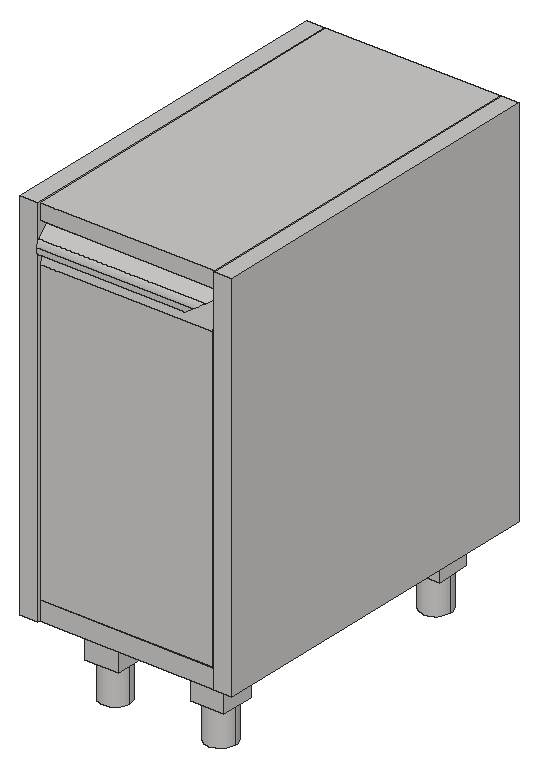
Revit family "QF_ELECTROLUXPROFESSIONAL_121814_TERP4", category Attrezzature speciali, Revit 2020
Family settings
  Quota connettore circolare = Usa diametro
  Tipo di parte = Normale
  Basato su piano di lavoro = No
  Sempre verticale = Sì
  Taglio con vuoti quando caricato = No
  Condiviso = No
  Punto di calcolo locali = No
Parameters (values of type "Standard")
  Weight = 9.00 kg
  Watts = 0 W
  Volts = 0 V
  URL Manufacturer = "https://www.electroluxprofessional.com/"
  URL = "https://www.electroluxprofessional.com/"
  Steam Supply Size = 0 mm
  Steam Supply Minimum Pressure = 0.0 Pa
  Steam Supply Maximum Pressure = 0.0 Pa
  Steam Consumption per Hour = 0
  Refrigeration Suction Line Size = 0.0 mm
  Refrigeration Liquid Line Size = 0.0 mm
  Refrigerant Compressor Remote = yes
  Prospetto di default = 0.0 mm
  Phase = 0
  Modello = "TERP4"
  Produttore = "Electrolux Professional"
  Length Actual = 400.0 mm  # constant formula
  Item Number = "121814"
  Hot Water Size = 0 mm
  Height Actual = 860.0 mm  # constant formula
  HP = "0 HP"
  Gas Size = 0 mm
  Gas KW = 0
  Gas Input Pressure = 0 W
  Direct Waste Size = 0 mm
  Descrizione = "AMBIENT UNIT 1 HINGED DOOR 400MM"
  Depth Actual = 680.0 mm  # constant formula
  Cycle = 0 Hz
  Condensate Return Size = 0 mm
  Compressed Air Volume = 0.0 L/s
  Compressed Air Size = 0 mm
  Compressed Air Pressure = 0.0 Pa
  Cold Water Size = 0 mm
  Accessory = yes
Reference planes
  plane 1 "Center (Front/Back)": y = 0
  plane 2: z = 0
  plane 3 "Center (Left/Right)": x = -300
  plane 4 "LEFT": x = -500
  plane 5 "RIGHT": x = -100
  plane 6 "BACK": y = 340
  plane 7 "FRONT": y = -340
  plane 8 "Base": z = 860
  plane 9 "TOP": z = 900
  plane 10: x = -400
  plane 11: x = -200
  plane 12: y = 270
  plane 13: y = -240
  plane 14 "FEET": z = 150
  plane 15: x = -466
  plane 16: x = -134
  plane 17: y = -337
  plane 18: y = 310
  plane 19: y = -670
Forms (mm)
  Extrusion 1, solid, material "QF_Finishes_Stainless Steel"
    sketch origin (0, 0, 150) x (-1, 0, 0) y (0, -1, 0)
      loop
        line (500, -340) -> (500, 340) -> (466, 340) -> (466, -340) -> (500, -340)
      loop
        line (134, -340) -> (134, 340) -> (100, 340) -> (100, -340) -> (134, -340)
    from 0 to 710
  Extrusion 2, solid, material "QF_Finishes_Stainless Steel"
    sketch origin (0, 0, 150) x (-1, 0, 0) y (0, -1, 0)
      loop
        line (466, -310) -> (466, 337) -> (134, 337) -> (134, -310) -> (466, -310)
    from 0 to 35
  Extrusion 3, solid, material "QF_Finishes_Stainless Steel"
    sketch origin (0, 0, 0) x (1, 0, 0) y (0, 1, 0)
      loop
        line (-466, 310) -> (-466, -297) -> (-134, -297) -> (-134, 310) -> (-466, 310)
    from 490 to 520
  Extrusion 4, solid, material "QF_Finishes_Stainless Steel"
    sketch origin (0, 0, 0) x (1, 0, 0) y (0, 1, 0)
      loop
        line (-466, -337) -> (-134, -337) -> (-134, 340) -> (-466, 340) -> (-466, -337)
    from 830 to 860
  Extrusion 5, solid, material "QF_Finishes_Stainless Steel"
    sketch origin (0, 0, 150) x (-1, 0, 0) y (0, -1, 0)
      loop
        line (466, -340) -> (466, -310) -> (134, -310) -> (134, -340) -> (466, -340)
    from 680 to 0
Lines and regions (mm)
  symbolic lines, style "SpecialityEquipmentHiddenLines"
    curve 1: line (-100, 340, 900) -> (-500, 340, 900)
    curve 2: line (-100, -340, 900) -> (-100, 340, 900)
    curve 3: line (-500, -344.5, 150) -> (-500, 340, 150)
    curve 4: line (-500, -340, 150) -> (-466, -340, 150)
    curve 5: line (-466, -340, 150) -> (-466, -337, 150)
    curve 6: line (-466, -337, 150) -> (-134, -337, 150)
    curve 7: line (-134, -337, 150) -> (-134, -340, 150)
    curve 8: line (-134, -340, 150) -> (-100, -340, 150)
Dimensions and locks
  plane 4 "LEFT" to plane 5 "RIGHT" = 400.0 mm
  equal spacing: plane 4 "LEFT", plane 3 "Center (Left/Right)", plane 5 "RIGHT"
  plane 6 "BACK" to plane 7 "FRONT" = 680.0 mm
  equal spacing: plane 6 "BACK", plane 1 "Center (Front/Back)", plane 7 "FRONT"
  locked: plane 14 "FEET" to level at 150
  locked: plane 4 "LEFT" to plane 10 at 100
  locked: plane 11 to plane 5 "RIGHT" at 100
  locked: plane 4 "LEFT" to plane 15 at 34
  locked: plane 16 to plane 5 "RIGHT" at 34
  plane 17 to plane 7 "FRONT" = 3.0 mm
  plane 6 "BACK" to plane 18 = 30.0 mm
  locked: plane 6 "BACK" to plane 12 at 70
  locked: plane 13 to plane 7 "FRONT" at 100
  locked: plane 8 "Base" to level at 860
  locked: plane 9 "TOP" to level at 900
  plane 6 "BACK" to plane 19 = 1010.0 mm
  aligned and locked: level to plane 2
  aligned and locked: plane 10 to nested 1
  aligned and locked: plane 11 to nested 2
  aligned and locked: plane 11 to nested 4
  aligned and locked: nested 4 to plane 12
  aligned and locked: plane 10 to nested 3
  aligned and locked: nested 3 to plane 12
  aligned and locked: plane 8 "Base" to Extrusion 1
  aligned and locked: plane 6 "BACK" to Extrusion 1 sketch curve
  aligned and locked: Extrusion 1 sketch curve to plane 6 "BACK"
  aligned and locked: plane 7 "FRONT" to Extrusion 1 sketch curve
  aligned and locked: Extrusion 1 sketch curve to plane 7 "FRONT"
  aligned and locked: plane 15 to Extrusion 1
  aligned and locked: Extrusion 1 to plane 16
  aligned and locked: Extrusion 2 to plane 15
  aligned and locked: plane 16 to Extrusion 2
  aligned and locked: plane 16 to Extrusion 3
  aligned and locked: Extrusion 3 to plane 15
  aligned and locked: plane 8 "Base" to Extrusion 4
  aligned and locked: Extrusion 2 to plane 17
  aligned and locked: Extrusion 2 to plane 18
  aligned and locked: Extrusion 3 to plane 18
  aligned and locked: Extrusion 4 to plane 17
  aligned and locked: plane 15 to Extrusion 5 sketch curve
  aligned and locked: Extrusion 5 sketch curve to plane 16
  aligned and locked: Extrusion 5 sketch curve to plane 6 "BACK"
  aligned and locked: Extrusion 5 sketch curve to plane 18
  aligned and locked: Extrusion 5 to Extrusion 4
  aligned and locked: Extrusion 5 to plane 14 "FEET"
  aligned and locked: plane 6 "BACK" to Extrusion 4
  aligned and locked: nested 1 to plane 13
  aligned and locked: nested 2 to plane 13
Automatic sketch dimensions
  curve 2 to plane 5 "RIGHT" = 0.0 mm
  curve 2 to plane 7 "FRONT" = 0.0 mm
  curve 1 to plane 4 "LEFT" = 0.0 mm
  curve 1 to plane 6 "BACK" = 0.0 mm
  Extrusion 1 sketch curve to plane 5 "RIGHT" = 0.0 mm
  Extrusion 1 sketch curve to plane 16 = 0.0 mm
  Extrusion 1 sketch curve to plane 15 = 0.0 mm
  Extrusion 1 sketch curve to plane 4 "LEFT" = 0.0 mm
  Extrusion 2 sketch curve to plane 16 = 0.0 mm
  Extrusion 2 sketch curve to plane 15 = 0.0 mm
  plane 18 to Extrusion 2 sketch curve = 0.0 mm
  Extrusion 2 sketch curve to plane 17 = 0.0 mm
  curve 8 to plane 5 "RIGHT" = 0.0 mm
  curve 8 to plane 7 "FRONT" = 0.0 mm
  curve 8 to plane 16 = 0.0 mm
  curve 6 to plane 15 = 0.0 mm
  curve 3 to plane 4 "LEFT" = 0.0 mm
  curve 3 to plane 6 "BACK" = 0.0 mm
  curve 6 to plane 17 = 0.0 mm
  curve 4 to plane 7 "FRONT" = 0.0 mm
  curve 4 to curve 3 = 4.5 mm
  Extrusion 4 sketch curve to plane 15 = 0.0 mm
  Extrusion 4 sketch curve to plane 16 = 0.0 mm
  Extrusion 4 sketch curve to plane 17 = 0.0 mm
  Extrusion 4 sketch curve to plane 18 = 30.0 mm
  Extrusion 3 sketch curve to plane 15 = 0.0 mm
  plane 7 "FRONT" to Extrusion 3 sketch curve = 43.0 mm
  Extrusion 3 sketch curve to plane 16 = 0.0 mm
  plane 18 to Extrusion 3 sketch curve = 0.0 mm
Nested families
  nested 1: "FEET_L63-150" at (-400, -240, 0), type "FEET_L63-150"
  nested 2: "FEET_L63-150" at (-200, -240, 0), type "FEET_L63-150"
  nested 3: "FEET_L63-150" at (-400, 270, 0), type "FEET_L63-150"
  nested 4: "FEET_L63-150" at (-200, 270, 0), type "FEET_L63-150"
  nested 5: "H637_1DOOR" at (-336.152, -297, 148.687) x (1, 0, 0) z (0, -1, 0), type "H637_1DOOR"
    with Width 400.0 mm, Show Clearance yes
Definition of nested family "FEET_L63-150"
  Parameters
    Default Elevation = 0.0 mm
    FEET = 150.0 mm
  Reference planes
    plane 1 "Center (Front/Back)": y = 0
    plane 2: z = 0
    plane 3 "Center (Left/Right)": x = 0
    plane 4: z = 150
  Forms (mm)
    Extrusion 1, solid
      sketch origin (0, 0, 0) x (1, 0, 0) y (0, 1, 0)
        loop
          circle (0, 0) r 28
      from 0 to 67
    Extrusion 2, solid
      sketch origin (0, 0, 0) x (1, 0, 0) y (0, 1, 0)
        loop
          line (31.561, 31.5) -> (-31.439, 31.5) -> (-31.439, -31.5) -> (31.561, -31.5) -> (31.561, 31.5)
      from 67 to 150 <- "FEET"
  Lines and regions (mm)
    symbolic lines
      curve 1: line (0, -1.503, 0) -> (0, 1.508, 0)
      curve 2: line (1.561, 0, 0) -> (-1.439, 0, 0)
  Dimensions and locks
    "FEET": plane 4 to plane 2
    aligned and locked: level to plane 2
  Automatic sketch dimensions
    plane 1 "Center (Front/Back)" to Extrusion 1 sketch curve = 0.0 mm
    Extrusion 1 sketch curve to plane 3 "Center (Left/Right)" = 0.0 mm
    plane 1 "Center (Front/Back)" to curve 2 = 0.0 mm
    curve 1 to plane 3 "Center (Left/Right)" = 0.0 mm
    curve 2 to plane 3 "Center (Left/Right)" = 1.439 mm
    plane 3 "Center (Left/Right)" to curve 2 = 1.561 mm
    plane 1 "Center (Front/Back)" to curve 1 = 1.503 mm
    curve 1 to plane 1 "Center (Front/Back)" = 1.508 mm
    Extrusion 2 sketch curve to plane 1 "Center (Front/Back)" = 31.5 mm
    Extrusion 2 sketch curve to plane 3 "Center (Left/Right)" = 31.439 mm
    plane 3 "Center (Left/Right)" to Extrusion 2 sketch curve = 31.561 mm
    plane 1 "Center (Front/Back)" to Extrusion 2 sketch curve = 31.5 mm
    radius of Extrusion 1 sketch curve = 28.0 mm
Definition of nested family "H637_1DOOR"
  Parameters
    Width [instance] = 400.0 mm
    Show Clearance [instance] = yes
    Model = "727995"
    Height = 710.0 mm
    Default Elevation = 0.0 mm
  Reference planes
    plane 1 "Center (Front/Back)": y = 0
    plane 2: z = 0
    plane 3 "Center (Left/Right)": x = 36.042
    plane 4 "panel": z = 25
    plane 5 "Left": x = -163.958
    plane 6 "Right": x = 236.042
    plane 7: y = 710
    plane 8: z = 45
    plane 9: x = 199.042
    plane 10: x = -126.958
    plane 11: y = 672
    plane 12: y = 38
    plane 13: z = 373
  Forms (mm)
    Extrusion 1, solid
      sketch origin (0, -919.2, 0) x (1, 0, 0) y (0, 1, 0)
        loop
          line (-980.5, 2119.2) -> (-980.5, -162.846) -> (881.94, -162.846) -> (881.94, 2119.2) -> (-980.5, 2119.2)
      from 0 to -59.546
    Extrusion 2, solid
      sketch origin (36.042, -219.693, 0) x (0, 1, 0) y (0, 0, 1)
        loop
          line (848.63, 49.734) -> (848.63, 47.734) -> (858.98, 47.734)
          arc (858.98, 47.734) -> (865.586, 46.42) -> (871.186, 42.679) r 17.261
          line (871.186, 42.679) -> (888.019, 25.845) -> (891.693, 25) -> (872.6, 44.093)
          arc (872.6, 44.093) -> (866.351, 48.268) -> (858.98, 49.734) r 19.261
          line (858.98, 49.734) -> (848.63, 49.734)
      from -163 to 163
    Extrusion 3, void
      sketch origin (0, -219.693, 25) x (1, 0, 0) y (0, 1, 0)
        loop
          line (204.066, 839.859) -> (204.066, 882.225) -> (199.042, 882.225)
          arc (199.042, 882.225) -> (198.688, 880.688) -> (197.873, 879.339) r 5
          line (197.873, 879.339) -> (155.197, 850.51)
          arc (155.197, 850.51) -> (152.266, 849.11) -> (149.054, 848.63) r 10.974
          line (149.054, 848.63) -> (-122.198, 848.63)
          arc (-122.198, 848.63) -> (-125.564, 850.024) -> (-126.958, 853.39) r 4.76
          line (-126.958, 853.39) -> (-126.958, 839.859) -> (204.066, 839.859)
      from 0 to 27.674
    Extrusion 4, solid
      sketch origin (36.042, -190, 0) x (0, 1, 0) y (0, 0, 1)
        loop
          line (228, 40) -> (228, 0) -> (862, 0) -> (862, 25) -> (796.797, 40) -> (228, 40)
      from 163 to -163
    Extrusion 5, solid, detail levels coarse
      sketch origin (0, 0, 0) x (1, 0, 0) y (0, 0, 1)
        loop
          line (-126.958, 40) -> (199.042, 40) -> (199.042, 373)
          arc (199.042, 373) -> (-27.65, 268.854) -> (-126.958, 40) r 349.118
      from -672 to -38
  Cuts and joins
    Extrusion 3 cuts Extrusion 2
  Lines and regions (mm)
    symbolic lines
      curve 1: arc (199.042, 0, 373) -> (-24.216, 0, 272.314) -> (-126.393, 0, 49.734) r 349.118
      curve 2: line (199.042, 0, 40) -> (199.042, 0, 373)
      curve 3: line (167.735, 0, 49.734) -> (-126.958, 0, 49.734)
      curve 4: spline (187.459, 0, 44.389) -> (185.921, 0, 45.265) -> (184.356, 0, 46.066) -> (182.765, 0, 46.791) -> (181.151, 0, 47.437) -> (179.517, 0, 48.005) -> (177.865, 0, 48.493) -> (176.198, 0, 48.9) -> (174.519, 0, 49.226) -> (172.831, 0, 49.471) -> (171.136, 0, 49.633) -> (169.436, 0, 49.712) -> (167.736, 0, 49.71)
      curve 5: line (193.956, 0, 40) -> (187.459, 0, 44.389)
      curve 6: line (-126.958, 0, 49.734) -> (-126.958, 0, 40)
  Dimensions and locks
    plane 4 "panel" to level = 25.0 mm
    "Width": plane 5 "Left" to plane 6 "Right"
    equal spacing: plane 5 "Left", plane 3 "Center (Left/Right)", plane 6 "Right"
    "Height": plane 1 "Center (Front/Back)" to plane 7
    plane 9 to plane 6 "Right" = 37.0 mm
    plane 5 "Left" to plane 10 = 37.0 mm
    plane 7 to plane 11 = 38.0 mm
    plane 1 "Center (Front/Back)" to plane 12 = 38.0 mm
    plane 10 to plane 9 = 326.0 mm
    aligned and locked: plane 2 to Extrusion 1
    aligned and locked: level to Extrusion 1
    aligned and locked: plane 10 to Extrusion 2
    aligned and locked: plane 9 to Extrusion 2
    aligned and locked: plane 10 to Extrusion 4
    aligned and locked: plane 9 to Extrusion 4
  Automatic sketch dimensions
    Extrusion 1 sketch curve to Extrusion 1 sketch curve = 1862.44 mm
    Extrusion 1 sketch curve to Extrusion 1 sketch curve = 2282.046 mm
    Extrusion 3 sketch curve to plane 10 = 0.0 mm
    Extrusion 3 sketch curve to plane 9 = 0.0 mm
    Extrusion 3 sketch curve to Extrusion 3 sketch curve = 4.76 mm
    Extrusion 3 sketch curve to plane 9 = 49.988 mm
    Extrusion 3 sketch curve to Extrusion 3 sketch curve = 6.143 mm
    Extrusion 3 sketch curve to plane 9 = 4.988 mm
    Extrusion 3 sketch curve to plane 9 = 1.169 mm
    Extrusion 3 sketch curve to plane 6 "Right" = 31.976 mm
    Extrusion 3 sketch curve to plane 7 = 89.834 mm
    Extrusion 3 sketch curve to Extrusion 3 sketch curve = 8.771 mm
    Extrusion 3 sketch curve to Extrusion 3 sketch curve = 1.88 mm
    Extrusion 3 sketch curve to Extrusion 3 sketch curve = 39.48 mm
    Extrusion 3 sketch curve to Extrusion 3 sketch curve = 2.886 mm
    Extrusion 4 sketch curve to level = 0.0 mm
    Extrusion 4 sketch curve to plane 12 = 0.0 mm
    Extrusion 4 sketch curve to plane 4 "panel" = 0.0 mm
    Extrusion 4 sketch curve to plane 11 = 0.0 mm
    Extrusion 4 sketch curve to plane 8 = 5.0 mm
    Extrusion 4 sketch curve to plane 11 = 65.203 mm
    plane 10 to Extrusion 5 sketch curve = 0.0 mm
    Extrusion 5 sketch curve to plane 9 = 0.0 mm
    Extrusion 5 sketch curve to plane 13 = 0.0 mm
    Extrusion 5 sketch curve to plane 4 "panel" = 0.374 mm
    Extrusion 5 sketch curve to Extrusion 5 sketch curve = 22.78 mm
    Extrusion 2 sketch curve to Extrusion 2 sketch curve = 0.0 mm  (x2)
    Extrusion 2 sketch curve to plane 4 "panel" = 0.0 mm
    Extrusion 2 sketch curve to plane 11 = 0.0 mm
    Extrusion 2 sketch curve to plane 8 = 0.907 mm
    Extrusion 2 sketch curve to plane 11 = 19.093 mm
    Extrusion 2 sketch curve to plane 8 = 2.321 mm
    Extrusion 2 sketch curve to Extrusion 2 sketch curve = 1.414 mm
    plane 4 "panel" to Extrusion 2 sketch curve = 5.474 mm
    Extrusion 2 sketch curve to Extrusion 2 sketch curve = 12.205 mm
    Extrusion 2 sketch curve to Extrusion 2 sketch curve = 10.351 mm
    plane 4 "panel" to Extrusion 2 sketch curve = 0.845 mm
    Extrusion 2 sketch curve to plane 11 = 3.674 mm
    plane 10 to curve 6 = 0.0 mm
    curve 2 to plane 9 = 0.0 mm
    curve 2 to plane 13 = 0.0 mm
    curve 5 to plane 8 = 0.611 mm
    curve 5 to plane 9 = 11.583 mm
    curve 1 to plane 4 "panel" = 0.374 mm
    curve 1 to plane 6 "Right" = 14.22 mm
    plane 8 to curve 3 = 4.734 mm
    curve 3 to curve 4 = 19.723 mm
    curve 3 to curve 4 = 0.0 mm
    curve 4 to curve 4 = 0.908 mm
    curve 5 to plane 9 = 5.086 mm
    curve 4 to level = 1.281 mm
    curve 2 to plane 8 = 5.0 mm
    curve 5 to plane 8 = 5.0 mm
    curve 6 to plane 8 = 5.0 mm
    curve 4 to curve 3 = 0.025 mm
